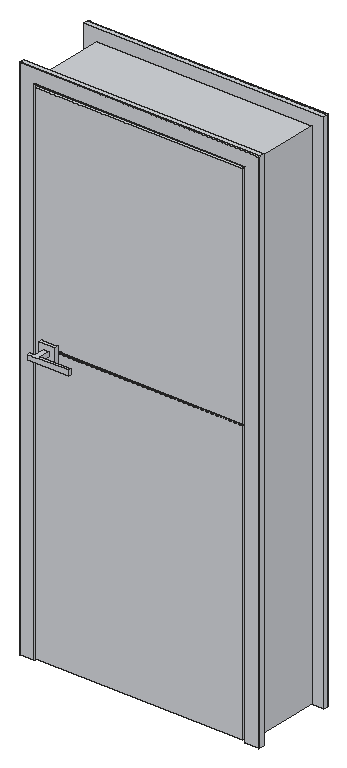
Revit family "Desire_2_bp", category Drzwi, Revit 2016
Family settings
  Obiekt nadrzędny = Ściana
  Zawsze pionowo = Tak
  Tnij formami wycięć po wczytaniu = Nie
  Współdzielony = Nie
  Punkt obliczania pomieszczeń = Nie
Parameters (values of type "80 cm x 202 cm")
  Zakres szerokości muru [instance] = if(and(Szerokość ściany > 94 mm, Szerokość ściany < 120 mm), "B", (if(and(Szerokość ściany > 119 mm, Szerokość ściany < 140 mm), "C", (if(and(Szerokość ściany > 139 mm, Szerokość ściany < 160 mm), "D", (if(and(Szerokość ściany > 159 mm, Szerokość ściany < 180 mm), "E", (if(and(Szerokość ściany > 179 mm, Szerokość ściany < 200 mm), "F", (if(and(Szerokość ściany > 199 mm, Szerokość ściany < 220 mm), "G", (if(and(Szerokość ściany > 219 mm, Szerokość ściany < 240 mm), "H", (if(and(Szerokość ściany > 239 mm, Szerokość ściany < 260 mm), "I", (if(and(Szerokość ściany > 259 mm, Szerokość ściany < 280 mm), "J", (if(and(Szerokość ściany > 279 mm, Szerokość ściany < 301 mm), "K", "BRAK")))))))))))))))))))  # "K"
  Wysokość brutto = 2060 mm
  Szerokość ściany [instance] = 300 mm
  Szerokość brutto = 880 mm
  Model = "Desire 2"  # constant formula
  Konstrukcja analityczna = "<Brak>"
  Funkcja = Wewnętrzna
  URL = "www.porta.com.pl"
  Ss = 818 mm
  Sb = 846 mm
  Producent = "PORTA KMI POLAND"  # constant formula
  Keynote = ""
  Opis = "Własność Porta KMI Poland, wszelkie prawa zastrzeżone."  # constant formula
  Wysokość = 2016 mm
  Zakończenie ściany = Wg obiektu nadrzędnego
  Szerokość = 800 mm
  Materiał_skrzydło [instance] = none
  Materiał_ościeżnica [instance] = none
  Materiał_klamka [instance] = none
  Hs = 2017 mm
Types (4, lengths in mm): name | Wysokość brutto | Szerokość brutto | Ss | Sb | Wysokość | Szerokość | Hs
  80 cm x 202 cm | 2060 | 880 | 818 | 846 | 2016 | 800 | 2017
  90 cm x 202 cm | 2060 | 980 | 918 | 946 | 2016 | 900 | 2017
  80 cm x 220 cm | 2243 | 880 | 818 | 846 | 2200 | 800 | 2200
  90 cm x 220 cm | 2243 | 980 | 918 | 946 | 2200 | 900 | 2200
Reference planes
  plane 1: y = 0
  plane 2 "Środek (Lewa/Prawa)": x = 0
  plane 3 "Lewy": x = -440
  plane 4 "Prawy": x = 440
  plane 5: z = 2060
  plane 6 "Zewnętrzna": y = 150
  plane 7 "Wewnętrzna": y = -150
  plane 8 "skrzydło": y = -129
  plane 9: x = -409
  plane 10: x = 409
Forms (mm)
  Sweep 1, solid, material <- "Materiał_ościeżnica"
    path in 3D
      loop
        line (-440, -150, 0) -> (-440, -150, 2060) -> (440, -150, 2060) -> (440, -150, 0)
    profile origin (-440, -150, 1030) x (0, -1, 0) y (1, 0, 0)
      loop
        line (-24, 39) -> (-72, 39) -> (-72, 17) -> (0, 17) -> (0, -33) -> (16, -33)
        arc (16, -33) -> (18.121, -32.121) -> (19, -30) r 3
        line (19, -30) -> (19, 24)
        arc (19, 24) -> (18.121, 26.121) -> (16, 27) r 3
        line (16, 27) -> (-24, 27) -> (-24, 39)
  Sweep 2, solid, material <- "Materiał_ościeżnica"
    path in 3D
      loop
        line (440, 150, 0) -> (440, 150, 2060) -> (-440, 150, 2060) -> (-440, 150, 0)
    profile origin (-440, 150, 1030) x (1, 0, 0) y (0, 1, 0)
      loop
        line (-33, 0) -> (17, 0) -> (17, -228) -> (39, -228) -> (39, -1)
        arc (39, -1) -> (37.536, 2.536) -> (34, 4) r 5
        line (34, 4) -> (25, 4) -> (25, 16)
        arc (25, 16) -> (24.121, 18.121) -> (22, 19) r 3
        line (22, 19) -> (-30, 19)
        arc (-30, 19) -> (-32.121, 18.121) -> (-33, 16) r 3
        line (-33, 16) -> (-33, 0)
Cuts and joins
  joined: Sweep 1, Sweep 2
Lines and regions (mm)
  Opening 1
    outline origin (-3050, -150, 0) x (1, 0, 0) y (0, 0, 1)
      loop
        line (2610, 0) -> (3490, 0) -> (3490, 2060) -> (2610, 2060) -> (2610, 0)
  sketch lines
    curve 1: line (-440, -150, 0) -> (-440, -150, 2060)
    curve 2: line (-440, -150, 2060) -> (440, -150, 2060)
    curve 3: line (440, -150, 2060) -> (440, -150, 0)
    curve 4: line (-440, 150, 2060) -> (-440, 150, 0)
    curve 5: line (440, 150, 2060) -> (-440, 150, 2060)
    curve 6: line (440, 150, 0) -> (440, 150, 2060)
  symbolic lines, style "DoorsPanelProjection"
    curve 7: line (409, -150, 0) -> (409, -968, 0)
    curve 8: line (409, -968, 0) -> (369, -968, 0)
    curve 9: line (369, -968, 0) -> (369, -150, 0)
    curve 10: line (369, -150, 0) -> (409, -150, 0)
  symbolic lines, style "Ugięcie rzutu"
    curve 11: arc (-409, -150, 0) -> (-169.413, -728.413, 0) -> (409, -968, 0) r 818
Text (mm)
  text "Zewnętrzna" at (-2295.016, 1099.543, 0), in view "Poziom odniesienia"
  text "Zewnętrzna" at (0, 1615.38, 3698.081), in view "Lewy"
  text "Zewnętrzna" at (0, 1036.032, 3874.932), in view "Prawy"
Dimensions and locks
  equal spacing: plane 3 "Lewy", plane 2 "Środek (Lewa/Prawa)", plane 4 "Prawy"
  "Szerokość brutto": plane 3 "Lewy" to plane 4 "Prawy"
  "Wysokość brutto": plane 5 to host wall
  host wall to plane 5 = 2060 mm  (x2)
  locked: plane 6 "Zewnętrzna" to host wall at 0
  locked: plane 7 "Wewnętrzna" to host wall
  "Sb": Sweep 1 to Sweep 1
  locked: Sweep 1 sketch curve to Sweep 1 sketch curve at 22
  Sweep 1 sketch curve to Sweep 1 sketch curve = 50 mm
  locked: Sweep 1 sketch curve to profile plane at 72
  locked: Sweep 2 sketch curve to Sweep 2 sketch curve at 50
  locked: Sweep 2 sketch curve to Sweep 2 sketch curve at 22
  locked: Sweep 2 sketch curve to plane 6 "Zewnętrzna" at 1
  locked: curve 9 to curve 7 at 40
  "Ss": curve 8 to curve 10
  equal spacing: curve 11, plane 2 "Środek (Lewa/Prawa)", curve 7
  locked: plane 7 "Wewnętrzna" to plane 8 "skrzydło" at 21
  nested 1 to plane 2 "Środek (Lewa/Prawa)" to nested 1 = 409 mm, 409 mm
  locked: nested 1 to level at 8
  "Szerokość ściany": host wall to host wall
  equal spacing: plane 9, plane 2 "Środek (Lewa/Prawa)", plane 10
  "Ss": plane 9 to plane 10
  aligned and locked: plane 3 "Lewy" to Opening 1 sketch curve
  aligned and locked: plane 5 to Opening 1 sketch curve  (x2)
  aligned and locked: Opening 1 sketch curve to plane 4 "Prawy"
  aligned and locked: Opening 1 sketch curve to level
  aligned and locked: plane 1 to host wall
  aligned and locked: Sweep 1 to Sweep 2 sketch curve
  aligned and locked: plane 7 "Wewnętrzna" to curve 10
  aligned and locked: Sweep 2 sketch curve to cut or joined group of Sweep 1, Sweep 2
  aligned and locked: nested 1 to plane 8 "skrzydło"
  aligned and locked: nested 1 to plane 9
Automatic sketch dimensions
  profile plane to Sweep 1 sketch curve = 24 mm
  Sweep 1 sketch curve to profile plane = 16 mm  (x2)
  Sweep 1 sketch curve to Sweep 1 sketch curve = 3 mm
  profile plane to Sweep 1 sketch curve = 17 mm
  Sweep 1 sketch curve to Sweep 1 sketch curve = 7 mm
  Sweep 1 sketch curve to profile plane = 0 mm
  Sweep 2 sketch curve to profile plane = 0 mm
  Sweep 2 sketch curve to profile plane = 16 mm
  Sweep 2 sketch curve to Sweep 2 sketch curve = 3 mm
  Sweep 2 sketch curve to Sweep 2 sketch curve = 5 mm
  Sweep 2 sketch curve to profile plane = 4 mm
  Sweep 2 sketch curve to Sweep 2 sketch curve = 8 mm
  curve 11 to host wall = 0 mm
Nested families
  nested 1: "skrzydło" at (0, -135.5, 0), type "skrzydło"
Definition of nested family "skrzydło"
  Parameters
    Ss = 818 mm
    Materiał_skrzydło = none
    Materiał_klamka = none
    Hs = 2017 mm
  Reference planes
    plane 1 "Tył": y = 6.5
    plane 2: z = 0
    plane 3 "Środek (Lewa/Prawa)": x = 0
    plane 4 "Przód": y = -33.5
    plane 5: z = 2025
    plane 6 "Centrum": y = -13.5
    plane 7: z = 8
    plane 8: x = -409
    plane 9: x = 409
    plane 10: x = -319
    plane 11: z = 1117.75
  Forms (mm)
    Extrusion 1, solid, material <- "Materiał_skrzydło"
      sketch origin (-892.016, -13.5, 1200) x (-1, 0, 0) y (0, 0, 1)
        loop
          line (-483.016, -1192) -> (-483.016, 825) -> (-1301.016, 825) -> (-1301.016, -1192) -> (-483.016, -1192)
      from 20 to -20
    Sweep 2, void
      path origin (-892.016, -13.5, 1200) x (-1, 0, 0) y (0, 0, 1)
        loop
          line (-573.016, -82.25) -> (-1301.016, -82.25)
      profile origin (45, -13.5, 1117.75) x (0, 0, -1) y (0, 1, 0)
        loop
          line (-1, -19) -> (-3.5, -19) -> (-4.5, -20) -> (0, -20) -> (-1, -19)
        loop
          line (-1, 19) -> (0, 20) -> (-4.5, 20) -> (-3.5, 19) -> (-1, 19)
  Cuts and joins
    Sweep 2 cuts Extrusion 1
  Dimensions and locks
    locked: plane 7 to level at 8
    "Hs": plane 5 to plane 7
    plane 7 to nested 2 = 1074 mm
    equal spacing: plane 4 "Przód", plane 6 "Centrum", plane 1 "Tył"
    "Ss": plane 8 to plane 9
    locked: plane 8 to nested 1 at 55
    locked: plane 8 to nested 2 at 55
    locked: nested 1 to plane 7 at 1104
    locked: plane 8 to plane 10 at 90
    locked: plane 11 to plane 7 at 1109.75
    aligned and locked: nested 1 to plane 4 "Przód"
    aligned and locked: nested 2 to nested 1  (x2)
    aligned and locked: plane 8 to Extrusion 1 sketch curve
    aligned and locked: Extrusion 1 sketch curve to plane 9
    aligned and locked: Extrusion 1 to plane 4 "Przód"
    aligned and locked: Extrusion 1 to plane 1 "Tył"
    aligned and locked: Sweep 2 sketch curve to plane 11
    aligned and locked: plane 10 to Sweep 2 sketch curve
    aligned and locked: plane 9 to Sweep 2 sketch curve
  Automatic sketch dimensions
    Extrusion 1 sketch curve to plane 7 = 0 mm
    Extrusion 1 sketch curve to plane 5 = 0 mm
    Sweep 2 sketch curve to profile plane = 0 mm  (x2)
    Sweep 2 sketch curve to plane 6 "Centrum" = 20 mm
    profile plane to Sweep 2 sketch curve = 1 mm  (x2)
    Sweep 2 sketch curve to Sweep 2 sketch curve = 2.5 mm  (x2)
    Sweep 2 sketch curve to Sweep 2 sketch curve = 1 mm  (x4)
    plane 6 "Centrum" to Sweep 2 sketch curve = 19 mm
  Nested families
    nested 1: "KLAMKA" at (-344, -33.5, 1112), Materiał klamki <- "Materiał_klamka", type "KLAMKA"
      with Materiał klamki none
    nested 2: "KLAMKA" at (-344, 6.5, 1112), Materiał klamki <- "Materiał_klamka", type "KLAMKA"
      with Materiał klamki none
  Definition of nested family "KLAMKA"
    Parameters
      Materiał klamki [instance] = none
      Assembly Code = ""
      Default Elevation = 1219.2 mm
    Reference planes
      plane 1 "Center (Front/Back)": y = 0
      plane 2: z = 0
      plane 3 "Center (Left/Right)": x = -10
      plane 4: z = 30
      plane 5: z = -30
      plane 6: x = 20
      plane 7: x = -40
      plane 8: y = -70
      plane 9: y = -60
      plane 10: x = 0
      plane 11: x = -20
      plane 12: z = -10
      plane 13: z = 10
      plane 14: y = -15
    Forms (mm)
      Extrusion 1, solid, material <- "Materiał klamki"
        sketch origin (0, 0, 0) x (1, 0, 0) y (0, 0, 1)
          loop
            line (-40, 30) -> (-40, -30) -> (20, -30) -> (20, 30) -> (-40, 30)
        from 0 to 15
      Extrusion 2, solid, material <- "Materiał klamki"
        sketch origin (0, 0, 0) x (1, 0, 0) y (0, 1, 0)
          loop
            line (-20, -15) -> (-20, -60) -> (-40, -60) -> (-40, -70) -> (120, -70) -> (120, -60) -> (0, -60) -> (0, -15) -> (-20, -15)
        from -10 to 10
    Dimensions and locks
      plane 8 to plane 1 "Center (Front/Back)" = 70 mm
      plane 11 to plane 3 "Center (Left/Right)" to plane 10 = 10 mm locked, 10 mm locked
      plane 14 to plane 1 "Center (Front/Back)" = 15 mm
      equal spacing: plane 13, level, plane 12
      locked: level to plane 12 at 10
      equal spacing: plane 4, level, plane 5
      level to plane 5 = 30 mm
      equal spacing: plane 7, plane 3 "Center (Left/Right)", plane 6
      locked: plane 3 "Center (Left/Right)" to plane 7 at 30
      aligned and locked: plane 14 to Extrusion 1
      aligned and locked: Extrusion 1 to plane 1 "Center (Front/Back)"
      aligned and locked: plane 13 to Extrusion 2
      aligned and locked: Extrusion 2 to plane 12
    Automatic sketch dimensions
      Extrusion 1 sketch curve to plane 5 = 0 mm
      plane 7 to Extrusion 1 sketch curve = 0 mm
      Extrusion 1 sketch curve to plane 6 = 0 mm
      Extrusion 1 sketch curve to plane 4 = 0 mm
      Extrusion 2 sketch curve to plane 7 = 0 mm
      Extrusion 2 sketch curve to plane 9 = 0 mm  (x2)
      Extrusion 2 sketch curve to plane 11 = 0 mm
      Extrusion 2 sketch curve to plane 10 = 0 mm
      Extrusion 2 sketch curve to plane 8 = 0 mm
      plane 14 to Extrusion 2 sketch curve = 0 mm
      plane 6 to Extrusion 2 sketch curve = 100 mm
